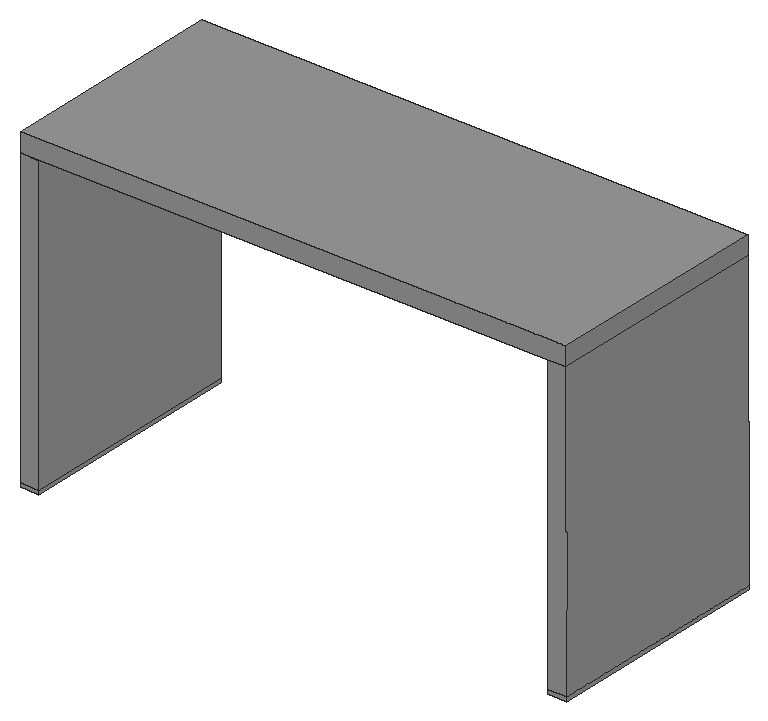
Revit family "Cocoon Community Table 30x72x42", category Generic Models, Revit 2018
Family settings
  Can host rebar = No
  Round Connector Dimension = Use Diameter
  Part Type = Normal
  Work Plane-Based = No
  Always vertical = Yes
  Cut with Voids When Loaded = No
  Shared = No
  Room Calculation Point = No
Parameters
  Frame = Cocoon Community Table 30x72x42 Frame
  Surface = Cocoon Community Table 30x72x42 Surface
Reference planes (in)
  plane 1 "Center (Front/Back)": y = 0
  plane 2: z = 0
  plane 3 "Center (Left/Right)": x = 0
Forms (in)
  Extrusion 1, solid, material "Cocoon Community Table 30x72x42 Frame" <- "Frame"
    sketch origin (0, 0, 0) x (1, 0, 0) y (0, 0, 1)
      loop
        line (-36, 0.5) -> (-36, 0) -> (-33.5, 0) -> (-33.5, 0.5) -> (-36, 0.5)
      loop
        line (36, 0.5) -> (33.5, 0.5) -> (33.5, 0) -> (36, 0) -> (36, 0.5)
    from -15 to 15
  Extrusion 2, solid, material "Cocoon Community Table 30x72x42 Surface" <- "Surface"
    sketch origin (0, 0, 13) x (1, 0, 0) y (0, 0, 1)
      loop
        line (-36, 29) -> (-36, 26.5) -> (36, 26.5) -> (36, 29) -> (-36, 29)
    from -15 to 15
  Extrusion 3, solid, material "Cocoon Community Table 30x72x42 Frame" <- "Frame"
    sketch origin (0, 0, 0) x (1, 0, 0) y (0, 0, 1)
      loop
        line (-36, 39.5) -> (-36, 0.5) -> (-33.5, 0.5) -> (-33.5, 39.5) -> (-36, 39.5)
      loop
        line (33.5, 39.5) -> (33.5, 0.5) -> (36, 0.5) -> (36, 39.5) -> (33.5, 39.5)
    from -15 to 15
Dimensions and locks (in)
  aligned and locked: level to plane 2
